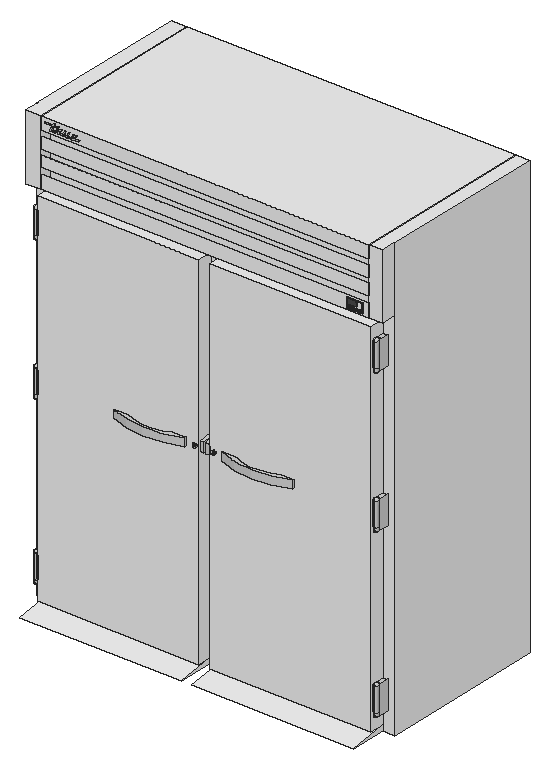
Revit family
Parameters
  Weight in Pounds = 0
  Watts = Volts * FL Amps  # 920 W
  Volts = 115 V
  URL Cutsheet = "www.truemfg.com"
  URL = "www.truemfg.com"
  Type Mark [instance] = ""
  Type Comments = ""
  Status [instance] = ""
  Specification by User [instance] = ""
  Specification by Manufacturer = ""
  Show Logo [instance] = yes
  Show Clearance [instance] = yes
  Serial Number = ""
  Seismic Rating = ""
  SMACNA No = ""
  Revision Code [instance] = ""
  Phase = 1
  Omniclass Number and Title = ""
  Number of Poles [instance] = 1
  NAFEM Spec ID Number = ""
  Model = "STR2RRI-2S"
  Min Ckt Ampacity = 0 A
  Max Overcurrent Protection = 0 A
  Masterspec = ""
  Manufacturer = "TRUE FOOD SERVICE EQUIPMENT, INC."
  Length = 68"
  Item Number [instance] = ""
  Installed By [instance] = ""
  Identify Quantity as Lot [instance] = yes
  Height = 83 3/4"
  HP = "1 1/5"
  Furnished By [instance] = ""
  Foodservice Equipment Identifier [instance] = yes
  FL Amps = 8 A
  Electrical Remarks [instance] = ""
  Electric Connection Type [instance] = ""
  Elec Conn RI Height [instance] = 0"
  Elec Conn Connection Height [instance] = 0"
  Description = "Roll-in Solid Swing Door Freezer"
  Depth = 34 3/4"
  Cycle = 60 Hz
  Conn Plug = "14-20P"
  Conn Conduit = yes
  CSI MasterFormat = ""
  CSI Master Format = ""
  Apparent Power = if(Phase = 3, Volts * FL Amps * 1.73, Volts * FL Amps)  # 920 VA
Reference planes (in)
  plane 1 "BACK": y = 0
  plane 2: z = 0
  plane 3 "LEFT": x = 0
  plane 4 "RIGHT": x = 68
  plane 5 "FRONT": y = -34.75
  plane 6 "TOP": z = 83.75
  plane 7: x = 2.84375
  plane 8: y = -34.7042
  plane 9: x = 34
  plane 10: z = 69.90625
Forms (in)
  Extrusion 1, solid, material "QF_Finishes_Chrome - Satin"
    sketch origin (0.05, 0, 0) x (1, 0, 0) y (0, 1, 0)
      loop
        line (-0.05, 0) -> (-0.05, -32) -> (2.87859, -32) -> (2.87859, 0) -> (-0.05, 0)
    from 0 to 83.75
  Extrusion 2, solid, material "QF_Finishes_Chrome - Satin"
    sketch origin (50.15, 0, 0) x (1, 0, 0) y (0, 1, 0)
      loop
        line (15.15, 0) -> (15.15, -32) -> (17.85, -32) -> (17.85, 0) -> (15.15, 0)
    from 0 to 83.75
  Extrusion 3, solid, material "QF_Finishes_Chrome - Satin"
    sketch origin (0, 0, 0) x (0, 1, 0) y (0, 0, 1)
      loop
        line (-34.7042, 71.28125) -> (-32, 71.28125) -> (-32, 0) -> (0, 0) -> (0, 83.75) -> (-34.7042, 83.75) -> (-34.7042, 81.40578) -> (-32.5, 79.83852) -> (-32.5, 78.71625) -> (-34.7042, 80.28351) -> (-34.7042, 78.1498) -> (-32.5, 76.58254) -> (-32.5, 75.62178) -> (-34.7042, 77.18904) -> (-34.7042, 75.09284) -> (-32.5, 73.52557) -> (-32.5, 72.25) -> (-34.7042, 73.81726) -> (-34.7042, 71.28125)
    from 2.92859 to 65.3
  Extrusion 4, solid, material "QF_Finishes_Chrome - Satin"
    sketch origin (0, 0, 0) x (1, 0, 0) y (0, 1, 0)
      loop
        line (67.84782, -32) -> (65.3, -32) -> (65.3, -34.75) -> (67.84782, -34.75) -> (67.84782, -32)
    from 71.28125 to 83.75
  Extrusion 5, solid, material "QF_Finishes_Chrome - Satin"
    sketch origin (-50.125, 0, 0.25) x (1, 0, 0) y (0, 1, 0)
      loop
        line (53.05359, -32) -> (50.24109, -32) -> (50.24109, -34.75) -> (53.05359, -34.75) -> (53.05359, -32)
    from 71.03125 to 83.5
  Extrusion 6, solid, material "QF_Finishes_Chrome - Satin"
    sketch origin (8.03125, -1, -0.71875) x (1, 0, 0) y (0, 0, 1)
      loop
        line (26.96875, 1.71875) -> (57.65625, 1.71875) -> (57.65625, 70.625) -> (26.96875, 70.625) -> (26.96875, 1.71875)
    from 31 to 33.75
  Extrusion 7, solid, material "QF_Finishes_Handrails and Railings"
    sketch origin (91.34375, -0.25, 26.43519) x (1, 0, 0) y (0, 1, 0)
      loop
        line (-53.875, -34.5) -> (-53.875, -34.7)
        arc (-53.875, -34.7) -> (-47.075, -36.14405) -> (-40.275, -34.7) r 16.7325
        line (-40.275, -34.7) -> (-40.275, -34.5) -> (-42.675, -34.5)
        arc (-42.675, -34.5) -> (-47.075, -35.65816) -> (-51.475, -34.5) r 8.93715
        line (-51.475, -34.5) -> (-53.875, -34.5)
    from 10.87731 to 12.37731
  Extrusion 8, solid, material "QF_Finishes_Handrails and Railings"
    sketch origin (9.34375, -1.08467, -2) x (1, 0, 0) y (0, 0, 1)
      loop
        circle (26.4375, 40.0625) r 0.35
      loop
        line (26.47265, 40.33635) -> (26.41715, 40.33635) -> (26.41715, 39.76895) -> (26.47265, 39.76895) -> (26.47265, 40.33635)
    from 33.5 to 33.83066
  Extrusion 9, solid, material "QF_Finishes_Handrails and Railings", visible <- "Show Logo"
    sketch origin (0.33478, 0.06376, 5.00294) x (1, 0, 0) y (0, 0, 1)
      loop
        line (3.46044, 78.08731) -> (3.35478, 77.86073) -> (4.76027, 77.86073)
        arc (4.76027, 77.86073) -> (4.78879, 77.81028) -> (4.76027, 77.75984) r 0.05887
        line (4.76027, 77.75984) -> (4.39369, 76.97372)
        arc (4.39369, 76.97372) -> (4.39051, 76.90091) -> (4.43975, 76.84717) r 0.09523
        line (4.43975, 76.84717) -> (5.33844, 76.84717)
        arc (5.33844, 76.84717) -> (5.45192, 76.88295) -> (5.52436, 76.97735) r 0.19785
        line (5.52436, 76.97735) -> (5.81285, 77.59601) -> (6.0779, 77.59601)
        arc (6.0779, 77.59601) -> (6.14744, 77.57043) -> (6.13737, 77.49703) r 0.05911
        line (6.13737, 77.49703) -> (5.89598, 76.97937)
        arc (5.89598, 76.97937) -> (5.89974, 76.8934) -> (5.97231, 76.84717) r 0.09318
        line (5.97231, 76.84717) -> (6.76198, 76.84717)
        arc (6.76198, 76.84717) -> (6.82249, 76.86919) -> (6.85468, 76.92495) r 0.09412
        arc (6.85468, 76.92495) -> (6.87746, 76.86995) -> (6.93246, 76.84717) r 0.07778
        line (6.93246, 76.84717) -> (7.43246, 76.84717)
        arc (7.43246, 76.84717) -> (7.49022, 76.86265) -> (7.53251, 76.90493) r 0.11552
        arc (7.53251, 76.90493) -> (7.55275, 76.85606) -> (7.60162, 76.83581) r 0.06912
        line (7.60162, 76.83581) -> (8.31225, 76.83581)
        arc (8.31225, 76.83581) -> (8.37034, 76.85988) -> (8.39441, 76.91797) r 0.08216
        arc (8.39441, 76.91797) -> (8.44767, 76.86472) -> (8.52042, 76.84522) r 0.14551
        line (8.52042, 76.84522) -> (9.85158, 76.84522) -> (9.99946, 77.10134) -> (8.65678, 77.10134)
        arc (8.65678, 77.10134) -> (8.61972, 77.12704) -> (8.61834, 77.17211) r 0.05009
        line (8.61834, 77.17211) -> (8.64157, 77.22192)
        arc (8.64157, 77.22192) -> (8.67723, 77.26864) -> (8.73327, 77.28635) r 0.09747
        line (8.73327, 77.28635) -> (9.16485, 77.28635)
        arc (9.16485, 77.28635) -> (9.258, 77.31131) -> (9.32619, 77.3795) r 0.1863
        line (9.32619, 77.3795) -> (9.45119, 77.59601)
        arc (9.45119, 77.59601) -> (9.45119, 77.71157) -> (9.35111, 77.76934) r 0.11556
        line (9.35111, 77.76934) -> (8.89562, 77.76934)
        arc (8.89562, 77.76934) -> (8.7795, 77.74962) -> (8.69849, 77.66412) r 0.18605
        line (8.69849, 77.66412) -> (8.48204, 77.19993)
        arc (8.48204, 77.19993) -> (8.41815, 77.11667) -> (8.31806, 77.08511) r 0.1745
        line (8.31806, 77.08511) -> (7.84559, 77.08511)
        arc (7.84559, 77.08511) -> (7.78903, 77.14684) -> (7.79268, 77.23048) r 0.10939
        line (7.79268, 77.23048) -> (8.04395, 77.76934) -> (7.88403, 77.76934) -> (7.61781, 77.19844)
        arc (7.61781, 77.19844) -> (7.56609, 77.13103) -> (7.48505, 77.10548) r 0.14128
        line (7.48505, 77.10548) -> (7.15925, 77.10548)
        arc (7.15925, 77.10548) -> (7.10419, 77.17723) -> (7.116, 77.26689) r 0.11816
        line (7.116, 77.26689) -> (7.3503, 77.76934) -> (7.18514, 77.76934) -> (6.91546, 77.191)
        arc (6.91546, 77.191) -> (6.85285, 77.12839) -> (6.76733, 77.10548) r 0.17104
        line (6.76733, 77.10548) -> (6.29555, 77.10548)
        arc (6.29555, 77.10548) -> (6.21082, 77.14499) -> (6.20267, 77.23813) r 0.0935
        line (6.20267, 77.23813) -> (6.35774, 77.57069) -> (6.57695, 77.57069)
        arc (6.57695, 77.57069) -> (6.61395, 77.68217) -> (6.69267, 77.76934) r 0.2857
        line (6.69267, 77.76934) -> (5.83605, 77.76934)
        arc (5.83605, 77.76934) -> (5.74086, 77.74824) -> (5.67498, 77.67635) r 0.16212
        line (5.67498, 77.67635) -> (5.44279, 77.17841)
        arc (5.44279, 77.17841) -> (5.3894, 77.12502) -> (5.31647, 77.10548) r 0.14586
        line (5.31647, 77.10548) -> (4.80506, 77.10548)
        arc (4.80506, 77.10548) -> (4.76514, 77.15942) -> (4.77274, 77.22609) r 0.09155
        line (4.77274, 77.22609) -> (5.11018, 77.86073) -> (5.96155, 77.86073) -> (6.06721, 78.08731) -> (5.21584, 78.08731) -> (5.32149, 78.31388) -> (5.01862, 78.31388) -> (4.91297, 78.08731) -> (3.46044, 78.08731)
      loop
        arc (8.83805, 77.56363) -> (8.80119, 77.55375) -> (8.7742, 77.52676) r 0.07373
        line (8.7742, 77.52676) -> (8.75229, 77.45936)
        arc (8.75229, 77.45936) -> (8.76245, 77.43483) -> (8.78699, 77.42466) r 0.0347
        line (8.78699, 77.42466) -> (9.15948, 77.42466)
        arc (9.15948, 77.42466) -> (9.18632, 77.43061) -> (9.20812, 77.44734) r 0.0635
        line (9.20812, 77.44734) -> (9.22624, 77.53122)
        arc (9.22624, 77.53122) -> (9.22091, 77.55368) -> (9.20009, 77.56363) r 0.02676
        line (9.20009, 77.56363) -> (8.83805, 77.56363)
    from 34.76797 to 34.83173
  Extrusion 10, solid, material "QF_Finishes_White"
    sketch origin (-22.74812, 0.0458, -7.95638) x (1, 0, 0) y (0, 0, 1)
      loop
        line (83.81732, 81.35727) -> (83.81732, 79.60996) -> (86.72357, 79.60996) -> (86.72357, 81.35727) -> (83.81732, 81.35727)
    from 34.75 to 34.76797
  Extrusion 11, solid, material "QF_Finishes_Black"
    sketch origin (-22.74812, 0.0458, -7.95638) x (1, 0, 0) y (0, 0, 1)
      loop
        line (86.78607, 81.41977) -> (83.75482, 81.41977) -> (83.75482, 79.54746) -> (86.78607, 79.54746) -> (86.78607, 81.41977)
      loop
        spline (83.95482, 79.87872) -> (83.96333, 79.86254) -> (83.98831, 79.84747) -> (84.02804, 79.83452) -> (84.07982, 79.82459) -> (84.14011, 79.81835) -> (84.20482, 79.81622) -> (84.26952, 79.81835) -> (84.32982, 79.82459) -> (84.38159, 79.83452) -> (84.42132, 79.84747) -> (84.4463, 79.86254) -> (84.45482, 79.87872)
        spline (84.45482, 79.87872) -> (84.4463, 79.89489) -> (84.42132, 79.90997) -> (84.38159, 79.92291) -> (84.32982, 79.93284) -> (84.26952, 79.93909) -> (84.20482, 79.94122) -> (84.14011, 79.93909) -> (84.07982, 79.93284) -> (84.02804, 79.92291) -> (83.98831, 79.90997) -> (83.96333, 79.89489) -> (83.95482, 79.87872)
      loop
        spline (84.65083, 79.87872) -> (84.65935, 79.86254) -> (84.68432, 79.84747) -> (84.72405, 79.83452) -> (84.77583, 79.82459) -> (84.83612, 79.81835) -> (84.90083, 79.81622) -> (84.96553, 79.81835) -> (85.02583, 79.82459) -> (85.07761, 79.83452) -> (85.11734, 79.84747) -> (85.14231, 79.86254) -> (85.15083, 79.87872)
        spline (85.15083, 79.87872) -> (85.14231, 79.89489) -> (85.11734, 79.90997) -> (85.07761, 79.92291) -> (85.02583, 79.93284) -> (84.96553, 79.93909) -> (84.90083, 79.94122) -> (84.83612, 79.93909) -> (84.77583, 79.93284) -> (84.72405, 79.92291) -> (84.68432, 79.90997) -> (84.65935, 79.89489) -> (84.65083, 79.87872)
      loop
        spline (85.40083, 79.87872) -> (85.40935, 79.86254) -> (85.43432, 79.84747) -> (85.47405, 79.83452) -> (85.52583, 79.82459) -> (85.58612, 79.81835) -> (85.65083, 79.81622) -> (85.71553, 79.81835) -> (85.77583, 79.82459) -> (85.82761, 79.83452) -> (85.86734, 79.84747) -> (85.89231, 79.86254) -> (85.90083, 79.87872)
        spline (85.90083, 79.87872) -> (85.89231, 79.89489) -> (85.86734, 79.90997) -> (85.82761, 79.92291) -> (85.77583, 79.93284) -> (85.71553, 79.93909) -> (85.65083, 79.94122) -> (85.58612, 79.93909) -> (85.52583, 79.93284) -> (85.47405, 79.92291) -> (85.43432, 79.90997) -> (85.40935, 79.89489) -> (85.40083, 79.87872)
      loop
        line (83.95481, 81.21978) -> (83.95481, 80.21978) -> (85.65433, 80.21978) -> (85.65433, 81.21978) -> (83.95481, 81.21978)
      loop
        line (86.72357, 81.35727) -> (83.81732, 81.35727) -> (83.81732, 79.60996) -> (86.72357, 79.60996) -> (86.72357, 81.35727)
      loop
        spline (86.15083, 79.87872) -> (86.15935, 79.86254) -> (86.18432, 79.84747) -> (86.22405, 79.83452) -> (86.27583, 79.82459) -> (86.33612, 79.81835) -> (86.40083, 79.81622) -> (86.46553, 79.81835) -> (86.52583, 79.82459) -> (86.57761, 79.83452) -> (86.61734, 79.84747) -> (86.64231, 79.86254) -> (86.65083, 79.87872)
        spline (86.65083, 79.87872) -> (86.64231, 79.89489) -> (86.61734, 79.90997) -> (86.57761, 79.92291) -> (86.52583, 79.93284) -> (86.46553, 79.93909) -> (86.40083, 79.94122) -> (86.33612, 79.93909) -> (86.27583, 79.93284) -> (86.22405, 79.92291) -> (86.18432, 79.90997) -> (86.15935, 79.89489) -> (86.15083, 79.87872)
    from 34.76797 to 34.80335
  Extrusion 12, solid
    sketch origin (-25.125, 0, 0) x (1, 0, 0) y (0, 0, 1)
      loop
        circle (89.875, 81.625) r 0.25
    from 0 to 0.0625
  Blend 13, solid, material "QF_Finishes_Handrails and Railings"
    base sketch origin (60.25, -1, 0) x (-1, 0, 0) y (0, 0, -1)
      loop
        line (25.25, -38.99169) -> (26, -38.99169) -> (26, -37.24169) -> (25.25, -37.24169) -> (25.25, -38.99169)
    top sketch origin (60.25, 0, 0) x (-1, 0, 0) y (0, 0, -1)
      loop
        line (26.18223, -36.6441) -> (25.25, -36.6441) -> (25.25, -39.42643) -> (26.18223, -39.42643) -> (26.18223, -36.6441)
    from 33.57883 to 32
  Extrusion 14, solid, material "QF_Finishes_Handrails and Railings"
    sketch origin (66.78125, 0, 3.5) x (0, 1, 0) y (0, 0, -1)
      loop
        line (-32, -64.17729) -> (-32, -58.86127) -> (-34.25, -58.86127) -> (-34.25, -59.57348) -> (-33.81497, -59.57348) -> (-33.81497, -63.97276)
        arc (-33.81497, -63.97276) -> (-33.75506, -64.11738) -> (-33.61044, -64.17729) r 0.20453
        line (-33.61044, -64.17729) -> (-32, -64.17729)
    from 0.17506 to 1
  Revolve 15, solid, material "QF_Finishes_Handrails and Railings"
    sketch origin (66.28125, 0, 3.5) x (0, 1, 0) y (0, 0, -1)
      loop
        line (-34.26563, -59.62689) -> (-34.67229, -59.62689) -> (-34.67229, -64.0986)
        arc (-34.67229, -64.0986) -> (-34.53722, -64.35057) -> (-34.26563, -64.43983) r 0.3848
        line (-34.26563, -64.43983) -> (-34.26563, -59.62689)
      loop
        line (-34.26563, -59.57348) -> (-34.26563, -58.67281)
        arc (-34.26563, -58.67281) -> (-34.53264, -58.75883) -> (-34.67229, -59.00212) r 0.38884
        line (-34.67229, -59.00212) -> (-34.67229, -59.57348) -> (-34.26563, -59.57348)
      axis (-34.26563, -58.67281) -> (-34.26563, -64.43983)
    angle from 0 to 360
  Extrusion 16, solid, material "QF_Finishes_Handrails and Railings"
    sketch origin (27.5, -1.07734, 3.5011) x (-1, 0, 0) y (0, 0, -1)
      loop
        line (-38.58509, -64.0986) -> (-38.1875, -64.0986) -> (-38.1875, -59.62579) -> (-38.58509, -59.62579) -> (-38.58509, -64.0986)
    from 32.81497 to 33.59495
  Extrusion 17, solid, material "QF_Finishes_Handrails and Railings"
    sketch origin (66.78125, 0, -24) x (0, 1, 0) y (0, 0, -1)
      loop
        line (-32, -64.55229) -> (-32, -59.23627) -> (-34.25, -59.23627) -> (-34.25, -59.94848) -> (-33.81497, -59.94848) -> (-33.81497, -64.34776)
        arc (-33.81497, -64.34776) -> (-33.75506, -64.49238) -> (-33.61044, -64.55229) r 0.20453
        line (-33.61044, -64.55229) -> (-32, -64.55229)
    from 0.17506 to 1
  Revolve 18, solid, material "QF_Finishes_Handrails and Railings"
    sketch origin (66.28125, 0, -24) x (0, 1, 0) y (0, 0, -1)
      loop
        line (-34.26563, -60.00189) -> (-34.67229, -60.00189) -> (-34.67229, -64.4736)
        arc (-34.67229, -64.4736) -> (-34.53722, -64.72557) -> (-34.26563, -64.81483) r 0.3848
        line (-34.26563, -64.81483) -> (-34.26563, -60.00189)
      loop
        line (-34.26563, -59.94848) -> (-34.26563, -59.04781)
        arc (-34.26563, -59.04781) -> (-34.53264, -59.13383) -> (-34.67229, -59.37712) r 0.38884
        line (-34.67229, -59.37712) -> (-34.67229, -59.94848) -> (-34.26563, -59.94848)
      axis (-34.26563, -59.04781) -> (-34.26563, -64.81483)
    angle from 0 to 360
  Extrusion 19, solid, material "QF_Finishes_Handrails and Railings"
    sketch origin (27.5, -1.07734, -23.9989) x (-1, 0, 0) y (0, 0, -1)
      loop
        line (-38.58509, -64.4736) -> (-38.1875, -64.4736) -> (-38.1875, -60.00079) -> (-38.58509, -60.00079) -> (-38.58509, -64.4736)
    from 32.81497 to 33.59495
  Extrusion 20, solid, material "QF_Finishes_Handrails and Railings"
    sketch origin (66.78125, 0, -55.5) x (0, 1, 0) y (0, 0, -1)
      loop
        line (-32, -64.55229) -> (-32, -59.23627) -> (-34.25, -59.23627) -> (-34.25, -59.94848) -> (-33.81497, -59.94848) -> (-33.81497, -64.34776)
        arc (-33.81497, -64.34776) -> (-33.75506, -64.49238) -> (-33.61044, -64.55229) r 0.20453
        line (-33.61044, -64.55229) -> (-32, -64.55229)
    from 0.17506 to 1
  Revolve 21, solid, material "QF_Finishes_Handrails and Railings"
    sketch origin (66.28125, 0, -55.5) x (0, 1, 0) y (0, 0, -1)
      loop
        line (-34.26563, -60.00189) -> (-34.67229, -60.00189) -> (-34.67229, -64.4736)
        arc (-34.67229, -64.4736) -> (-34.53722, -64.72557) -> (-34.26563, -64.81483) r 0.3848
        line (-34.26563, -64.81483) -> (-34.26563, -60.00189)
      loop
        line (-34.26563, -59.94848) -> (-34.26563, -59.04781)
        arc (-34.26563, -59.04781) -> (-34.53264, -59.13383) -> (-34.67229, -59.37712) r 0.38884
        line (-34.67229, -59.37712) -> (-34.67229, -59.94848) -> (-34.26563, -59.94848)
      axis (-34.26563, -59.04781) -> (-34.26563, -64.81483)
    angle from 0 to 360
  Extrusion 22, solid, material "QF_Finishes_Handrails and Railings"
    sketch origin (27.5, -1.07734, -55.4989) x (-1, 0, 0) y (0, 0, -1)
      loop
        line (-38.58509, -64.4736) -> (-38.1875, -64.4736) -> (-38.1875, -60.00079) -> (-38.58509, -60.00079) -> (-38.58509, -64.4736)
    from 32.81497 to 33.59495
  Extrusion 23, solid, material "QF_Finishes_Chrome - Satin"
    sketch origin (65.6875, -1, 8.03125) x (0, 0, 1) y (0, -1, 0)
      loop
        line (-8.03125, 37.875) -> (-8.03125, 31) -> (-7.03125, 31) -> (-8.03125, 37.875)
    from 0 to -30.6875
  Extrusion 24, solid, material "QF_Finishes_Chrome - Satin"
    sketch origin (59.96875, -1, -0.71875) x (-1, 0, 0) y (0, 0, -1)
      loop
        line (26.96875, -1.71875) -> (26.96875, -70.625) -> (57.65625, -70.625) -> (57.65625, -1.71875) -> (26.96875, -1.71875)
    from 31 to 33.75
  Extrusion 25, solid, material "QF_Finishes_Handrails and Railings"
    sketch origin (-23.34375, -0.25, 26.43519) x (1, 0, 0) y (0, 1, 0)
      loop
        line (53.875, -34.5) -> (51.475, -34.5)
        arc (51.475, -34.5) -> (47.075, -35.65816) -> (42.675, -34.5) r 8.93715
        line (42.675, -34.5) -> (40.275, -34.5) -> (40.275, -34.7)
        arc (40.275, -34.7) -> (47.075, -36.14405) -> (53.875, -34.7) r 16.7325
        line (53.875, -34.7) -> (53.875, -34.5)
    from 10.87731 to 12.37731
  Extrusion 26, solid, material "QF_Finishes_Handrails and Railings"
    sketch origin (58.65625, -1.08467, -2) x (-1, 0, 0) y (0, 0, -1)
      loop
        circle (26.4375, -40.0625) r 0.35
      loop
        line (26.47265, -40.33635) -> (26.47265, -39.76895) -> (26.41715, -39.76895) -> (26.41715, -40.33635) -> (26.47265, -40.33635)
    from 33.5 to 33.83066
  Blend 27, solid, material "QF_Finishes_Handrails and Railings"
    base sketch origin (7.75, -1, 0) x (1, 0, 0) y (0, 0, 1)
      loop
        line (25.25, 38.99169) -> (25.25, 37.24169) -> (26, 37.24169) -> (26, 38.99169) -> (25.25, 38.99169)
    top sketch origin (7.75, 0, 0) x (1, 0, 0) y (0, 0, 1)
      loop
        line (26.18223, 36.6441) -> (26.18223, 39.42643) -> (25.25, 39.42643) -> (25.25, 36.6441) -> (26.18223, 36.6441)
    from 33.57883 to 32
  Extrusion 28, solid, material "QF_Finishes_Handrails and Railings"
    sketch origin (1.21875, 0, 3.5) x (0, 1, 0) y (0, 0, 1)
      loop
        line (-32, 64.17729) -> (-33.61044, 64.17729)
        arc (-33.61044, 64.17729) -> (-33.75506, 64.11738) -> (-33.81497, 63.97276) r 0.20453
        line (-33.81497, 63.97276) -> (-33.81497, 59.57348) -> (-34.25, 59.57348) -> (-34.25, 58.86127) -> (-32, 58.86127) -> (-32, 64.17729)
    from 0.17506 to 1
  Revolve 29, solid, material "QF_Finishes_Handrails and Railings"
    sketch origin (1.71875, 0, 3.5) x (0, 1, 0) y (0, 0, 1)
      loop
        line (-34.26563, 59.62689) -> (-34.26563, 64.43983)
        arc (-34.26563, 64.43983) -> (-34.53722, 64.35057) -> (-34.67229, 64.0986) r 0.3848
        line (-34.67229, 64.0986) -> (-34.67229, 59.62689) -> (-34.26563, 59.62689)
      loop
        line (-34.26563, 59.57348) -> (-34.67229, 59.57348) -> (-34.67229, 59.00212)
        arc (-34.67229, 59.00212) -> (-34.53264, 58.75883) -> (-34.26563, 58.67281) r 0.38884
        line (-34.26563, 58.67281) -> (-34.26563, 59.57348)
      axis (-34.26563, 58.67281) -> (-34.26563, 64.43983)
    angle from 0 to 360
  Extrusion 30, solid, material "QF_Finishes_Handrails and Railings"
    sketch origin (40.5, -1.07734, 3.5011) x (1, 0, 0) y (0, 0, 1)
      loop
        line (-38.58509, 64.0986) -> (-38.58509, 59.62579) -> (-38.1875, 59.62579) -> (-38.1875, 64.0986) -> (-38.58509, 64.0986)
    from 32.81497 to 33.59495
  Extrusion 31, solid, material "QF_Finishes_Handrails and Railings"
    sketch origin (1.21875, 0, -24) x (0, 1, 0) y (0, 0, 1)
      loop
        line (-32, 64.55229) -> (-33.61044, 64.55229)
        arc (-33.61044, 64.55229) -> (-33.75506, 64.49238) -> (-33.81497, 64.34776) r 0.20453
        line (-33.81497, 64.34776) -> (-33.81497, 59.94848) -> (-34.25, 59.94848) -> (-34.25, 59.23627) -> (-32, 59.23627) -> (-32, 64.55229)
    from 0.17506 to 1
  Revolve 32, solid, material "QF_Finishes_Handrails and Railings"
    sketch origin (1.71875, 0, -24) x (0, 1, 0) y (0, 0, 1)
      loop
        line (-34.26563, 60.00189) -> (-34.26563, 64.81483)
        arc (-34.26563, 64.81483) -> (-34.53722, 64.72557) -> (-34.67229, 64.4736) r 0.3848
        line (-34.67229, 64.4736) -> (-34.67229, 60.00189) -> (-34.26563, 60.00189)
      loop
        line (-34.26563, 59.94848) -> (-34.67229, 59.94848) -> (-34.67229, 59.37712)
        arc (-34.67229, 59.37712) -> (-34.53264, 59.13383) -> (-34.26563, 59.04781) r 0.38884
        line (-34.26563, 59.04781) -> (-34.26563, 59.94848)
      axis (-34.26563, 59.04781) -> (-34.26563, 64.81483)
    angle from 0 to 360
  Extrusion 33, solid, material "QF_Finishes_Handrails and Railings"
    sketch origin (40.5, -1.07734, -23.9989) x (1, 0, 0) y (0, 0, 1)
      loop
        line (-38.58509, 64.4736) -> (-38.58509, 60.00079) -> (-38.1875, 60.00079) -> (-38.1875, 64.4736) -> (-38.58509, 64.4736)
    from 32.81497 to 33.59495
  Extrusion 34, solid, material "QF_Finishes_Handrails and Railings"
    sketch origin (1.21875, 0, -55.5) x (0, 1, 0) y (0, 0, 1)
      loop
        line (-32, 64.55229) -> (-33.61044, 64.55229)
        arc (-33.61044, 64.55229) -> (-33.75506, 64.49238) -> (-33.81497, 64.34776) r 0.20453
        line (-33.81497, 64.34776) -> (-33.81497, 59.94848) -> (-34.25, 59.94848) -> (-34.25, 59.23627) -> (-32, 59.23627) -> (-32, 64.55229)
    from 0.17506 to 1
  Revolve 35, solid, material "QF_Finishes_Handrails and Railings"
    sketch origin (1.71875, 0, -55.5) x (0, 1, 0) y (0, 0, 1)
      loop
        line (-34.26563, 60.00189) -> (-34.26563, 64.81483)
        arc (-34.26563, 64.81483) -> (-34.53722, 64.72557) -> (-34.67229, 64.4736) r 0.3848
        line (-34.67229, 64.4736) -> (-34.67229, 60.00189) -> (-34.26563, 60.00189)
      loop
        line (-34.26563, 59.94848) -> (-34.67229, 59.94848) -> (-34.67229, 59.37712)
        arc (-34.67229, 59.37712) -> (-34.53264, 59.13383) -> (-34.26563, 59.04781) r 0.38884
        line (-34.26563, 59.04781) -> (-34.26563, 59.94848)
      axis (-34.26563, 59.04781) -> (-34.26563, 64.81483)
    angle from 0 to 360
  Extrusion 36, solid, material "QF_Finishes_Handrails and Railings"
    sketch origin (40.5, -1.07734, -55.4989) x (1, 0, 0) y (0, 0, 1)
      loop
        line (-38.58509, 64.4736) -> (-38.58509, 60.00079) -> (-38.1875, 60.00079) -> (-38.1875, 64.4736) -> (-38.58509, 64.4736)
    from 32.81497 to 33.59495
  Extrusion 37, solid, material "QF_Finishes_Chrome - Satin"
    sketch origin (2.3125, -1, 8.03125) x (0, 0, 1) y (0, 1, 0)
      loop
        line (-8.03125, -37.875) -> (-7.03125, -31) -> (-8.03125, -31) -> (-8.03125, -37.875)
    from 0 to -30.6875
  Extrusion 38, solid, material "QF_Finishes_Door Clearance", visible <- "Show Clearance", detail levels coarse
    sketch origin (32.71875, -1, 1) x (0, 1, 0) y (1, 0, 0)
      loop
        line (-33.75, -30.40625) -> (-33.75, 0.28125)
        arc (-33.75, 0.28125) -> (-55.44934, -8.70691) -> (-64.4375, -30.40625) r 30.6875
        line (-64.4375, -30.40625) -> (-33.75, -30.40625)
      loop
        line (-33.75, 32.96875) -> (-64.4375, 32.96875)
        arc (-64.4375, 32.96875) -> (-55.44934, 11.26941) -> (-33.75, 2.28125) r 30.6875
        line (-33.75, 2.28125) -> (-33.75, 32.96875)
    from 0 to -68.90625
Cuts and joins
  joined: Extrusion 1, Extrusion 2, Extrusion 4, Extrusion 5
Lines and regions (in)
  symbolic lines
    curve 1: line (0, 0, 0) -> (68, 0, 0)
    curve 2: line (0, -34.75, 0) -> (0, 0, 0)
    curve 3: line (68, -34.75, 0) -> (0, -34.75, 0)
    curve 4: line (68, 0, 0) -> (68, -34.75, 0)
    curve 5: line (68, -32.5, 0) -> (0, -32.5, 0)
    curve 6: arc (28.13125, -34.75, 0) -> (23.73125, -35.90816, 0) -> (19.33125, -34.75, 0) r 8.93715
    curve 7: arc (16.93125, -34.95, 0) -> (23.73125, -36.39405, 0) -> (30.53125, -34.95, 0) r 16.7325
    curve 8: line (16.93125, -34.75, 0) -> (16.93125, -34.95, 0)
    curve 9: line (30.53125, -34.95, 0) -> (30.53125, -34.75, 0)
    curve 10: arc (48.66875, -34.75, 0) -> (44.26875, -35.90816, 0) -> (39.86875, -34.75, 0) r 8.93715
    curve 11: arc (37.46875, -34.95, 0) -> (44.26875, -36.39405, 0) -> (51.06875, -34.95, 0) r 16.7325
    curve 12: line (37.46875, -34.75, 0) -> (37.46875, -34.95, 0)
    curve 13: line (51.06875, -34.95, 0) -> (51.06875, -34.75, 0)
  symbolic lines, style "QF_Door Swings", visible <- "Show Clearance", detail levels coarse
    curve 14: line (2.3125, -34.75, 0) -> (2.3125, -65.4375, 0)
    curve 15: arc (33, -34.75, 0) -> (24.01184, -56.44934, 0) -> (2.3125, -65.4375, 0) r 30.6875
    curve 16: arc (65.6875, -65.4375, 0) -> (43.98816, -56.44934, 0) -> (35, -34.75, 0) r 30.6875
    curve 17: line (65.6875, -65.4375, 0) -> (65.6875, -34.75, 0)
Dimensions and locks (in)
  "Depth": plane 5 "FRONT" to plane 1 "BACK"
  plane 6 "TOP" to level = 83 3/4"  (x2)
  Extrusion 6 sketch curve to Extrusion 6 sketch curve = 30 11/16"
  Extrusion 6 to plane 1 "BACK" = 34 3/4"
  "Length": plane 3 "LEFT" to plane 4 "RIGHT"
  plane 4 "RIGHT" to plane 3 "LEFT" = 68"
  equal spacing: plane 3 "LEFT", plane 9, plane 4 "RIGHT"
  Extrusion 24 sketch curve to Extrusion 24 sketch curve = 30 11/16"
  plane 10 to level = 69 29/32"
  aligned and locked: level to plane 2
Automatic sketch dimensions
  plane 1 "BACK" to curve 1 = 0"
  curve 1 to plane 3 "LEFT" = 0"
  plane 5 "FRONT" to curve 8 = 0"
  curve 4 to plane 4 "RIGHT" = 0"
  plane 5 "FRONT" to curve 7 = 0.2"
  plane 7 to curve 7 = 14.0875"
  curve 8 to curve 6 = 2.4"
  curve 6 to curve 6 = 4.4"
  curve 7 to curve 6 = 0"
  plane 5 "FRONT" to curve 9 = 0.2"
  plane 5 "FRONT" to curve 12 = 0.2"
  curve 12 to plane 9 = 3 15/32"
  curve 12 to curve 10 = 2.4"
  curve 10 to curve 10 = 4.4"
  curve 11 to curve 10 = 0"
  plane 5 "FRONT" to curve 11 = 0.2"
  curve 5 to plane 5 "FRONT" = 2 1/4"
  curve 10 to plane 5 "FRONT" = 7.77899"
  curve 6 to plane 5 "FRONT" = 7.77899"
  curve 10 to curve 11 = 7.30945"
  curve 6 to curve 7 = 7.30945"
  Extrusion 1 sketch curve to plane 3 "LEFT" = 0"
  plane 1 "BACK" to Extrusion 1 sketch curve = 0"
  plane 7 to Extrusion 1 sketch curve = 0.08484"
  Extrusion 1 sketch curve to plane 5 "FRONT" = 2 3/4"
  plane 1 "BACK" to Extrusion 2 sketch curve = 0"
  Extrusion 2 sketch curve to plane 4 "RIGHT" = 0"
  Extrusion 2 sketch curve to plane 4 "RIGHT" = 2.7"
  Extrusion 2 sketch curve to plane 5 "FRONT" = 2 3/4"
  Extrusion 3 sketch curve to plane 8 = 0"  (x4)
  Extrusion 3 sketch curve to level = 0"
  Extrusion 3 sketch curve to plane 6 "TOP" = 0"
  plane 8 to Extrusion 3 sketch curve = 2.2042"  (x2)
  Extrusion 3 sketch curve to Extrusion 3 sketch curve = 0"
  Extrusion 3 sketch curve to Extrusion 3 sketch curve = 1/2"
  plane 1 "BACK" to Extrusion 3 sketch curve = 0"
  Extrusion 3 sketch curve to plane 6 "TOP" = 12 15/32"
  Extrusion 3 sketch curve to Extrusion 3 sketch curve = 31/32"
  Extrusion 3 sketch curve to Extrusion 3 sketch curve = 1.27557"  (x2)
  Extrusion 3 sketch curve to Extrusion 3 sketch curve = 0.29169"
  Extrusion 3 sketch curve to Extrusion 3 sketch curve = 2.0962"  (x2)
  Extrusion 3 sketch curve to Extrusion 3 sketch curve = 0.96076"  (x2)
  Extrusion 3 sketch curve to Extrusion 3 sketch curve = 2.13371"  (x2)
  Extrusion 3 sketch curve to Extrusion 3 sketch curve = 1.12227"  (x2)
  plane 5 "FRONT" to Extrusion 4 sketch curve = 0"
  Extrusion 4 sketch curve to plane 4 "RIGHT" = 2.7"
  Extrusion 4 sketch curve to plane 4 "RIGHT" = 0.15218"
  Extrusion 4 sketch curve to plane 5 "FRONT" = 2 3/4"
  plane 5 "FRONT" to Extrusion 5 sketch curve = 0"
  plane 3 "LEFT" to Extrusion 5 sketch curve = 0.11609"
  plane 7 to Extrusion 5 sketch curve = 0.08484"
  Extrusion 5 sketch curve to plane 5 "FRONT" = 2 3/4"
  Extrusion 6 sketch curve to plane 9 = 1"
  level to Extrusion 6 sketch curve = 1"
  Extrusion 6 sketch curve to plane 6 "TOP" = 13 27/32"
  plane 5 "FRONT" to Extrusion 7 sketch curve = 0"  (x2)
  Extrusion 7 sketch curve to plane 9 = 3 15/32"
  Extrusion 7 sketch curve to Extrusion 7 sketch curve = 2.4"  (x2)
  Extrusion 7 sketch curve to Extrusion 7 sketch curve = 4.4"
  Extrusion 7 sketch curve to Extrusion 7 sketch curve = 0"
  Extrusion 7 sketch curve to Extrusion 7 sketch curve = 0.2"
  Extrusion 7 sketch curve to plane 5 "FRONT" = 7.77899"
  Extrusion 7 sketch curve to Extrusion 7 sketch curve = 7.30945"
  Extrusion 8 sketch curve to plane 9 = 1.7609"
  Extrusion 8 sketch curve to Extrusion 8 sketch curve = 0.02035"
  Extrusion 8 sketch curve to Extrusion 8 sketch curve = 0.0555"
  level to Extrusion 8 sketch curve = 37.76895"
  Extrusion 8 sketch curve to Extrusion 8 sketch curve = 0.29355"
  Extrusion 8 sketch curve to Extrusion 8 sketch curve = 0.27385"
  plane 7 to Extrusion 9 sketch curve = 0.84582"
  Extrusion 9 sketch curve to Extrusion 9 sketch curve = 0.10565"  (x5)
  Extrusion 9 sketch curve to Extrusion 9 sketch curve = 1.03891"
  Extrusion 9 sketch curve to Extrusion 9 sketch curve = 0.04606"
  Extrusion 9 sketch curve to Extrusion 9 sketch curve = 0.08631"
  Extrusion 9 sketch curve to Extrusion 9 sketch curve = 0.33624"
  Extrusion 9 sketch curve to Extrusion 9 sketch curve = 0.03034"  (x2)
  Extrusion 9 sketch curve to Extrusion 9 sketch curve = 0.29274"
  Extrusion 9 sketch curve to Extrusion 9 sketch curve = 0.03232"
  Extrusion 9 sketch curve to Extrusion 9 sketch curve = 0.04851"
  Extrusion 9 sketch curve to plane 6 "TOP" = 0.65975"
  Extrusion 9 sketch curve to Extrusion 9 sketch curve = 0.1527"
  Extrusion 9 sketch curve to plane 6 "TOP" = 0.43317"
  Extrusion 9 sketch curve to Extrusion 9 sketch curve = 0.19721"
  Extrusion 9 sketch curve to Extrusion 9 sketch curve = 0.4629"
  Extrusion 9 sketch curve to Extrusion 9 sketch curve = 0.02197"
  Extrusion 9 sketch curve to Extrusion 9 sketch curve = 0.12632"
  Extrusion 9 sketch curve to Extrusion 9 sketch curve = 0.18591"
  Extrusion 9 sketch curve to plane 6 "TOP" = 1.0707"
  Extrusion 9 sketch curve to Extrusion 9 sketch curve = 0.2322"
  Extrusion 9 sketch curve to Extrusion 9 sketch curve = 0.13786"
  Extrusion 9 sketch curve to Extrusion 9 sketch curve = 0.00907"
  Extrusion 9 sketch curve to Extrusion 9 sketch curve = 0.01413"
  Extrusion 9 sketch curve to Extrusion 9 sketch curve = 0.37162"
  Extrusion 9 sketch curve to plane 6 "TOP" = 0.88633"
  Extrusion 9 sketch curve to Extrusion 9 sketch curve = 0.12551"
  Extrusion 9 sketch curve to Extrusion 9 sketch curve = 0.07633"
  Extrusion 9 sketch curve to Extrusion 9 sketch curve = 0.08445"
  Extrusion 9 sketch curve to Extrusion 9 sketch curve = 0.25598"
  Extrusion 9 sketch curve to Extrusion 9 sketch curve = 0.01887"
  Extrusion 9 sketch curve to Extrusion 9 sketch curve = 0.04061"
  Extrusion 9 sketch curve to plane 6 "TOP" = 1.50892"
  Extrusion 9 sketch curve to Extrusion 9 sketch curve = 0.0653"
  Extrusion 9 sketch curve to Extrusion 9 sketch curve = 0.08474"
  Extrusion 9 sketch curve to Extrusion 9 sketch curve = 0.00815"
  Extrusion 9 sketch curve to Extrusion 9 sketch curve = 0.22037"
  Extrusion 9 sketch curve to Extrusion 9 sketch curve = 0.21921"
  Extrusion 9 sketch curve to Extrusion 9 sketch curve = 0.11572"
  Extrusion 9 sketch curve to Extrusion 9 sketch curve = 0.46643"
  Extrusion 9 sketch curve to Extrusion 9 sketch curve = 0.00535"
  Extrusion 9 sketch curve to Extrusion 9 sketch curve = 0.09269"
  Extrusion 9 sketch curve to Extrusion 9 sketch curve = 0.09348"
  Extrusion 9 sketch curve to Extrusion 9 sketch curve = 0.14812"
  Extrusion 9 sketch curve to Extrusion 9 sketch curve = 0.07778"
  Extrusion 9 sketch curve to Extrusion 9 sketch curve = 0.20054"
  Extrusion 9 sketch curve to Extrusion 9 sketch curve = 0.04325"
  Extrusion 9 sketch curve to plane 6 "TOP" = 0.97771"  (x2)
  Extrusion 9 sketch curve to Extrusion 9 sketch curve = 0.32433"
  Extrusion 9 sketch curve to Extrusion 9 sketch curve = 0.10233"  (x2)
  Extrusion 9 sketch curve to Extrusion 9 sketch curve = 0.16515"
  Extrusion 9 sketch curve to Extrusion 9 sketch curve = 0.27321"
  Extrusion 9 sketch curve to Extrusion 9 sketch curve = 0.0526"
  Extrusion 9 sketch curve to Extrusion 9 sketch curve = 0.10005"
  Extrusion 9 sketch curve to Extrusion 9 sketch curve = 0.06912"
  Extrusion 9 sketch curve to Extrusion 9 sketch curve = 0.13276"
  Extrusion 9 sketch curve to plane 6 "TOP" = 1.51658"
  Extrusion 9 sketch curve to Extrusion 9 sketch curve = 0.17486"
  Extrusion 9 sketch curve to Extrusion 9 sketch curve = 0.05291"
  Extrusion 9 sketch curve to Extrusion 9 sketch curve = 0.53374"
  Extrusion 9 sketch curve to Extrusion 9 sketch curve = 0.09914"
  Extrusion 9 sketch curve to Extrusion 9 sketch curve = 0.15992"
  Extrusion 9 sketch curve to Extrusion 9 sketch curve = 0.46666"
  Extrusion 9 sketch curve to Extrusion 9 sketch curve = 0.00582"
  Extrusion 9 sketch curve to Extrusion 9 sketch curve = 0.08216"
  Extrusion 9 sketch curve to Extrusion 9 sketch curve = 0.16397"
  Extrusion 9 sketch curve to Extrusion 9 sketch curve = 0.12601"
  Extrusion 9 sketch curve to plane 6 "TOP" = 1.57494"
  Extrusion 9 sketch curve to Extrusion 9 sketch curve = 0.1363"
  Extrusion 9 sketch curve to plane 6 "TOP" = 1.52514"
  Extrusion 9 sketch curve to Extrusion 9 sketch curve = 0.02323"
  Extrusion 9 sketch curve to Extrusion 9 sketch curve = 0.03844"
  Extrusion 9 sketch curve to Extrusion 9 sketch curve = 0.0454"
  Extrusion 9 sketch curve to Extrusion 9 sketch curve = 0.05693"
  Extrusion 9 sketch curve to Extrusion 9 sketch curve = 0.0917"
  Extrusion 9 sketch curve to Extrusion 9 sketch curve = 0.01902"
  Extrusion 9 sketch curve to Extrusion 9 sketch curve = 0.02191"
  Extrusion 9 sketch curve to Extrusion 9 sketch curve = 0.0347"
  Extrusion 9 sketch curve to Extrusion 9 sketch curve = 0.06385"
  Extrusion 9 sketch curve to Extrusion 9 sketch curve = 0.02906"
  Extrusion 9 sketch curve to Extrusion 9 sketch curve = 0.02851"
  Extrusion 9 sketch curve to Extrusion 9 sketch curve = 0.29237"
  Extrusion 9 sketch curve to Extrusion 9 sketch curve = 0.00537"
  Extrusion 9 sketch curve to Extrusion 9 sketch curve = 0.0406"
  Extrusion 9 sketch curve to plane 6 "TOP" = 1.29971"
  Extrusion 9 sketch curve to Extrusion 9 sketch curve = 0.04327"
  Extrusion 9 sketch curve to Extrusion 9 sketch curve = 0.02615"
  Extrusion 9 sketch curve to plane 6 "TOP" = 1.36755"
  Extrusion 9 sketch curve to Extrusion 9 sketch curve = 0.11806"
  Extrusion 9 sketch curve to Extrusion 9 sketch curve = 0.15103"
  Extrusion 9 sketch curve to Extrusion 9 sketch curve = 0.10007"
  Extrusion 9 sketch curve to Extrusion 9 sketch curve = 0.5254"
  Extrusion 9 sketch curve to plane 6 "TOP" = 1.64572"
  Extrusion 9 sketch curve to Extrusion 9 sketch curve = 0.14787"
  Extrusion 9 sketch curve to Extrusion 9 sketch curve = 0.14537"
  Extrusion 9 sketch curve to Extrusion 9 sketch curve = 0.63134"
  Extrusion 9 sketch curve to Extrusion 9 sketch curve = 0.11061"
  Extrusion 9 sketch curve to Extrusion 9 sketch curve = 0.25876"
  Extrusion 9 sketch curve to Extrusion 9 sketch curve = 0.06767"
  Extrusion 9 sketch curve to Extrusion 9 sketch curve = 0.12655"
  Extrusion 9 sketch curve to Extrusion 9 sketch curve = 0.12242"
  Extrusion 9 sketch curve to Extrusion 9 sketch curve = 0.29684"
  Extrusion 9 sketch curve to Extrusion 9 sketch curve = 0.03938"
  Extrusion 9 sketch curve to Extrusion 9 sketch curve = 0.06046"
  Extrusion 9 sketch curve to Extrusion 9 sketch curve = 0.13266"
  Extrusion 9 sketch curve to Extrusion 9 sketch curve = 0.14279"
  Extrusion 9 sketch curve to Extrusion 9 sketch curve = 0.07293"
  Extrusion 9 sketch curve to Extrusion 9 sketch curve = 0.07764"
  Extrusion 9 sketch curve to Extrusion 9 sketch curve = 0.03794"
  Extrusion 9 sketch curve to Extrusion 9 sketch curve = 0.08552"
  Extrusion 9 sketch curve to Extrusion 9 sketch curve = 0.09296"
  Extrusion 9 sketch curve to Extrusion 9 sketch curve = 0.02781"
  Extrusion 9 sketch curve to Extrusion 9 sketch curve = 0.04799"
  Extrusion 9 sketch curve to Extrusion 9 sketch curve = 0.03054"
  Extrusion 9 sketch curve to Extrusion 9 sketch curve = 0.2589"
  Extrusion 9 sketch curve to Extrusion 9 sketch curve = 0.0674"
  Extrusion 9 sketch curve to Extrusion 9 sketch curve = 0.0324"
  Extrusion 9 sketch curve to Extrusion 9 sketch curve = 0.26185"
  Extrusion 9 sketch curve to Extrusion 9 sketch curve = 11/256"
  Extrusion 9 sketch curve to Extrusion 9 sketch curve = 0.07366"
  Extrusion 9 sketch curve to Extrusion 9 sketch curve = 0.02187"
  Extrusion 9 sketch curve to Extrusion 9 sketch curve = 0.06479"
  Extrusion 9 sketch curve to Extrusion 9 sketch curve = 0.05778"
  Extrusion 9 sketch curve to Extrusion 9 sketch curve = 0.32747"
  Extrusion 9 sketch curve to Extrusion 9 sketch curve = 0.05045"
  Extrusion 9 sketch curve to Extrusion 9 sketch curve = 29/128"
  Extrusion 10 sketch curve to plane 4 "RIGHT" = 6.9308"
  Extrusion 10 sketch curve to Extrusion 10 sketch curve = 2 29/32"
  Extrusion 10 sketch curve to plane 6 "TOP" = 12.09642"
  Extrusion 10 sketch curve to Extrusion 10 sketch curve = 1.74732"
  Extrusion 11 sketch curve to plane 4 "RIGHT" = 6.9933"
  Extrusion 11 sketch curve to Extrusion 11 sketch curve = 1/16"  (x4)
  Extrusion 11 sketch curve to Extrusion 11 sketch curve = 0.1375"  (x3)
  Extrusion 11 sketch curve to Extrusion 11 sketch curve = 1/4"  (x4)
  Extrusion 11 sketch curve to Extrusion 11 sketch curve = 0.44601"
  Extrusion 11 sketch curve to Extrusion 11 sketch curve = 1/2"  (x2)
  Extrusion 11 sketch curve to Extrusion 11 sketch curve = 0.0035"
  Extrusion 11 sketch curve to Extrusion 11 sketch curve = 1.06923"
  Extrusion 11 sketch curve to plane 6 "TOP" = 12.15892"
  Extrusion 11 sketch curve to Extrusion 11 sketch curve = 0.26876"  (x2)
  Extrusion 11 sketch curve to Extrusion 11 sketch curve = 0"  (x2)
  Extrusion 11 sketch curve to Extrusion 11 sketch curve = 0.34106"
  Extrusion 11 sketch curve to Extrusion 11 sketch curve = 1"
  Extrusion 12 sketch curve to plane 4 "RIGHT" = 3 1/4"
  Extrusion 12 sketch curve to plane 6 "TOP" = 2 1/8"
  Blend 13 sketch curve to plane 9 = 1"
  Blend 13 sketch curve to plane 9 = 1/4"
  level to Blend 13 sketch curve = 38.99169"
  Blend 13 sketch curve to Blend 13 sketch curve = 1 3/4"
  plane 9 to Blend 13 sketch curve = 1"
  plane 9 to Blend 13 sketch curve = 0.06777"
  Blend 13 sketch curve to level = 36.6441"
  Blend 13 sketch curve to Blend 13 sketch curve = 2.78233"
  Extrusion 14 sketch curve to plane 5 "FRONT" = 1/2"
  Extrusion 14 sketch curve to Extrusion 14 sketch curve = 0.43503"
  Extrusion 14 sketch curve to Extrusion 14 sketch curve = 0.20453"
  Extrusion 14 sketch curve to Extrusion 14 sketch curve = 1.61044"
  Extrusion 14 sketch curve to plane 6 "TOP" = 16.07271"
  Extrusion 14 sketch curve to Extrusion 14 sketch curve = 4.39928"
  Extrusion 14 sketch curve to Extrusion 14 sketch curve = 0.71221"
  Revolve 15 sketch curve to plane 5 "FRONT" = 0.07771"  (x2)
  Revolve 15 sketch curve to Revolve 15 sketch curve = 0.38242"
  Revolve 15 sketch curve to Revolve 15 sketch curve = 0.38436"
  Revolve 15 sketch curve to plane 5 "FRONT" = 31/64"
  Revolve 15 sketch curve to Revolve 15 sketch curve = 0.40666"
  Revolve 15 sketch curve to Revolve 15 sketch curve = 0"
  Revolve 15 sketch curve to plane 6 "TOP" = 15.25492"
  Revolve 15 sketch curve to Revolve 15 sketch curve = 0.55526"
  Revolve 15 sketch curve to Revolve 15 sketch curve = 0.19474"
  Revolve 15 sketch curve to Revolve 15 sketch curve = 0.14649"
  Revolve 15 sketch curve to Revolve 15 sketch curve = 4.42889"
  Revolve 15 sketch curve to Revolve 15 sketch curve = 0.05342"
  Revolve 15 sketch curve to Revolve 15 sketch curve = 0.51246"
  Revolve 15 sketch curve to Revolve 15 sketch curve = 0.05889"
  Extrusion 16 sketch curve to plane 4 "RIGHT" = 1.91491"
  Extrusion 16 sketch curve to Extrusion 16 sketch curve = 0.39759"
  Extrusion 16 sketch curve to plane 6 "TOP" = 16.1503"
  Extrusion 16 sketch curve to Extrusion 16 sketch curve = 4.47281"
  Extrusion 17 sketch curve to plane 5 "FRONT" = 1/2"
  Extrusion 17 sketch curve to Extrusion 17 sketch curve = 0.43503"
  Extrusion 17 sketch curve to Extrusion 17 sketch curve = 0.20453"
  Extrusion 17 sketch curve to Extrusion 17 sketch curve = 1.61044"
  level to Extrusion 17 sketch curve = 40.55229"
  Extrusion 17 sketch curve to Extrusion 17 sketch curve = 4.39928"
  Extrusion 17 sketch curve to Extrusion 17 sketch curve = 0.71221"
  Revolve 18 sketch curve to plane 5 "FRONT" = 0.07771"  (x2)
  Revolve 18 sketch curve to Revolve 18 sketch curve = 0.38242"
  Revolve 18 sketch curve to Revolve 18 sketch curve = 0.38436"
  Revolve 18 sketch curve to plane 5 "FRONT" = 31/64"
  Revolve 18 sketch curve to Revolve 18 sketch curve = 0.40666"
  Revolve 18 sketch curve to Revolve 18 sketch curve = 0"
  level to Revolve 18 sketch curve = 41.37008"
  Revolve 18 sketch curve to Revolve 18 sketch curve = 0.55526"
  Revolve 18 sketch curve to Revolve 18 sketch curve = 0.19474"
  Revolve 18 sketch curve to Revolve 18 sketch curve = 0.14649"
  Revolve 18 sketch curve to Revolve 18 sketch curve = 4.42889"
  Revolve 18 sketch curve to Revolve 18 sketch curve = 0.05342"
  Revolve 18 sketch curve to Revolve 18 sketch curve = 0.51246"
  Revolve 18 sketch curve to Revolve 18 sketch curve = 0.05889"
  Extrusion 19 sketch curve to plane 4 "RIGHT" = 1.91491"
  Extrusion 19 sketch curve to Extrusion 19 sketch curve = 0.39759"
  level to Extrusion 19 sketch curve = 40.4747"
  Extrusion 19 sketch curve to Extrusion 19 sketch curve = 4.47281"
  Extrusion 20 sketch curve to plane 5 "FRONT" = 1/2"
  Extrusion 20 sketch curve to Extrusion 20 sketch curve = 0.43503"
  Extrusion 20 sketch curve to Extrusion 20 sketch curve = 0.20453"
  Extrusion 20 sketch curve to Extrusion 20 sketch curve = 1.61044"
  level to Extrusion 20 sketch curve = 9.05229"
  Extrusion 20 sketch curve to Extrusion 20 sketch curve = 4.39928"
  Extrusion 20 sketch curve to Extrusion 20 sketch curve = 0.71221"
  Revolve 21 sketch curve to plane 5 "FRONT" = 0.07771"  (x2)
  Revolve 21 sketch curve to Revolve 21 sketch curve = 0.38242"
  Revolve 21 sketch curve to Revolve 21 sketch curve = 0.38436"
  Revolve 21 sketch curve to plane 5 "FRONT" = 31/64"
  Revolve 21 sketch curve to Revolve 21 sketch curve = 0.40666"
  Revolve 21 sketch curve to Revolve 21 sketch curve = 0"
  level to Revolve 21 sketch curve = 9.87008"
  Revolve 21 sketch curve to Revolve 21 sketch curve = 0.55526"
  Revolve 21 sketch curve to Revolve 21 sketch curve = 0.19474"
  Revolve 21 sketch curve to Revolve 21 sketch curve = 0.14649"
  Revolve 21 sketch curve to Revolve 21 sketch curve = 4.42889"
  Revolve 21 sketch curve to Revolve 21 sketch curve = 0.05342"
  Revolve 21 sketch curve to Revolve 21 sketch curve = 0.51246"
  Revolve 21 sketch curve to Revolve 21 sketch curve = 0.05889"
  Extrusion 22 sketch curve to plane 4 "RIGHT" = 1.91491"
  Extrusion 22 sketch curve to Extrusion 22 sketch curve = 0.39759"
  level to Extrusion 22 sketch curve = 8.9747"
  Extrusion 22 sketch curve to Extrusion 22 sketch curve = 4.47281"
  Extrusion 23 sketch curve to Extrusion 6 = 0"
  Extrusion 6 to Extrusion 23 sketch curve = 0"
  Extrusion 6 to Extrusion 23 sketch curve = 1"
  Extrusion 23 sketch curve to Extrusion 6 = 4 1/8"
  plane 9 to Extrusion 24 sketch curve = 1"
  Extrusion 24 sketch curve to plane 6 "TOP" = 13 27/32"
  level to Extrusion 24 sketch curve = 1"
  plane 5 "FRONT" to Extrusion 25 sketch curve = 0"  (x2)
  plane 7 to Extrusion 25 sketch curve = 14.0875"
  Extrusion 25 sketch curve to Extrusion 25 sketch curve = 2.4"  (x2)
  plane 9 to Extrusion 25 sketch curve = 10.26875"
  Extrusion 25 sketch curve to Extrusion 25 sketch curve = 0"
  plane 5 "FRONT" to Extrusion 25 sketch curve = 0.2"
  Extrusion 25 sketch curve to plane 5 "FRONT" = 7.77899"
  Extrusion 25 sketch curve to Extrusion 25 sketch curve = 7.30945"
  plane 9 to Extrusion 26 sketch curve = 1.7609"
  Extrusion 26 sketch curve to Extrusion 26 sketch curve = 0.02035"
  Extrusion 26 sketch curve to Extrusion 26 sketch curve = 0.0555"
  level to Extrusion 26 sketch curve = 38.33635"
  Extrusion 26 sketch curve to Extrusion 26 sketch curve = 0.27385"
  Extrusion 26 sketch curve to Extrusion 26 sketch curve = 0.29355"
  plane 9 to Blend 27 sketch curve = 1"  (x2)
  plane 9 to Blend 27 sketch curve = 1/4"
  level to Blend 27 sketch curve = 37.24169"
  Blend 27 sketch curve to Blend 27 sketch curve = 1 3/4"
  plane 9 to Blend 27 sketch curve = 0.06777"
  level to Blend 27 sketch curve = 36.6441"
  Blend 27 sketch curve to Blend 27 sketch curve = 2.78233"
  Extrusion 28 sketch curve to plane 5 "FRONT" = 1/2"
  Extrusion 28 sketch curve to Extrusion 28 sketch curve = 0.43503"
  Extrusion 28 sketch curve to Extrusion 28 sketch curve = 0.20453"
  Extrusion 28 sketch curve to Extrusion 28 sketch curve = 1.61044"
  Extrusion 28 sketch curve to plane 6 "TOP" = 21.38873"
  Extrusion 28 sketch curve to Extrusion 28 sketch curve = 0.71221"
  Extrusion 28 sketch curve to Extrusion 28 sketch curve = 4.39928"
  Revolve 29 sketch curve to plane 5 "FRONT" = 0.07771"  (x2)
  Revolve 29 sketch curve to Revolve 29 sketch curve = 0.38242"
  Revolve 29 sketch curve to Revolve 29 sketch curve = 0.38436"
  Revolve 29 sketch curve to plane 5 "FRONT" = 31/64"
  Revolve 29 sketch curve to Revolve 29 sketch curve = 0.40666"
  Revolve 29 sketch curve to Revolve 29 sketch curve = 0"
  Revolve 29 sketch curve to plane 6 "TOP" = 21.57719"
  Revolve 29 sketch curve to Revolve 29 sketch curve = 0.32931"
  Revolve 29 sketch curve to Revolve 29 sketch curve = 0.51246"
  Revolve 29 sketch curve to Revolve 29 sketch curve = 0.05342"
  Revolve 29 sketch curve to Revolve 29 sketch curve = 4.42889"
  Revolve 29 sketch curve to Revolve 29 sketch curve = 0.04281"
  Revolve 29 sketch curve to Revolve 29 sketch curve = 0.18929"
  Revolve 29 sketch curve to Revolve 29 sketch curve = 0.55526"
  Extrusion 30 sketch curve to plane 7 = 0.92884"
  Extrusion 30 sketch curve to Extrusion 30 sketch curve = 0.39759"
  Extrusion 30 sketch curve to plane 6 "TOP" = 20.62311"
  Extrusion 30 sketch curve to Extrusion 30 sketch curve = 4.47281"
  Extrusion 31 sketch curve to plane 5 "FRONT" = 1/2"
  Extrusion 31 sketch curve to Extrusion 31 sketch curve = 0.43503"
  Extrusion 31 sketch curve to Extrusion 31 sketch curve = 0.20453"
  Extrusion 31 sketch curve to Extrusion 31 sketch curve = 1.61044"
  level to Extrusion 31 sketch curve = 35.23627"
  Extrusion 31 sketch curve to Extrusion 31 sketch curve = 0.71221"
  Extrusion 31 sketch curve to Extrusion 31 sketch curve = 4.39928"
  Revolve 32 sketch curve to plane 5 "FRONT" = 0.07771"  (x2)
  Revolve 32 sketch curve to Revolve 32 sketch curve = 0.38242"
  Revolve 32 sketch curve to Revolve 32 sketch curve = 0.38436"
  Revolve 32 sketch curve to plane 5 "FRONT" = 31/64"
  Revolve 32 sketch curve to Revolve 32 sketch curve = 0.40666"
  Revolve 32 sketch curve to Revolve 32 sketch curve = 0"
  level to Revolve 32 sketch curve = 35.04781"
  Revolve 32 sketch curve to Revolve 32 sketch curve = 0.32931"
  Revolve 32 sketch curve to Revolve 32 sketch curve = 0.51246"
  Revolve 32 sketch curve to Revolve 32 sketch curve = 0.05342"
  Revolve 32 sketch curve to Revolve 32 sketch curve = 4.42889"
  Revolve 32 sketch curve to Revolve 32 sketch curve = 0.04281"
  Revolve 32 sketch curve to Revolve 32 sketch curve = 0.18929"
  Revolve 32 sketch curve to Revolve 32 sketch curve = 0.55526"
  Extrusion 33 sketch curve to plane 7 = 0.92884"
  Extrusion 33 sketch curve to Extrusion 33 sketch curve = 0.39759"
  level to Extrusion 33 sketch curve = 36.00189"
  Extrusion 33 sketch curve to Extrusion 33 sketch curve = 4.47281"
  Extrusion 34 sketch curve to plane 5 "FRONT" = 1/2"
  Extrusion 34 sketch curve to Extrusion 34 sketch curve = 0.43503"
  Extrusion 34 sketch curve to Extrusion 34 sketch curve = 0.20453"
  Extrusion 34 sketch curve to Extrusion 34 sketch curve = 1.61044"
  level to Extrusion 34 sketch curve = 3.73627"
  Extrusion 34 sketch curve to Extrusion 34 sketch curve = 0.71221"
  Extrusion 34 sketch curve to Extrusion 34 sketch curve = 4.39928"
  Revolve 35 sketch curve to plane 5 "FRONT" = 0.07771"  (x2)
  Revolve 35 sketch curve to Revolve 35 sketch curve = 0.38242"
  Revolve 35 sketch curve to Revolve 35 sketch curve = 0.38436"
  Revolve 35 sketch curve to plane 5 "FRONT" = 31/64"
  Revolve 35 sketch curve to Revolve 35 sketch curve = 0.40666"
  Revolve 35 sketch curve to Revolve 35 sketch curve = 0"
  level to Revolve 35 sketch curve = 3.54781"
  Revolve 35 sketch curve to Revolve 35 sketch curve = 0.32931"
  Revolve 35 sketch curve to Revolve 35 sketch curve = 0.51246"
  Revolve 35 sketch curve to Revolve 35 sketch curve = 0.05342"
  Revolve 35 sketch curve to Revolve 35 sketch curve = 4.42889"
  Revolve 35 sketch curve to Revolve 35 sketch curve = 0.04281"
  Revolve 35 sketch curve to Revolve 35 sketch curve = 0.18929"
  Revolve 35 sketch curve to Revolve 35 sketch curve = 0.55526"
  Extrusion 36 sketch curve to plane 7 = 0.92884"
  Extrusion 36 sketch curve to Extrusion 36 sketch curve = 0.39759"
  level to Extrusion 36 sketch curve = 4.50189"
  Extrusion 36 sketch curve to Extrusion 36 sketch curve = 4.47281"
  Extrusion 37 sketch curve to Extrusion 24 = 0"  (x2)
  Extrusion 24 to Extrusion 37 sketch curve = 1"
  Extrusion 37 sketch curve to Extrusion 24 = 4 1/8"
  curve 14 to plane 7 = 17/32"
  curve 14 to curve 14 = 30 11/16"
  curve 16 to plane 9 = 1"
  curve 16 to plane 4 "RIGHT" = 2 5/16"
  Extrusion 38 sketch curve to Extrusion 24 = 0"  (x3)
  Extrusion 24 to Extrusion 38 sketch curve = 0"
  Extrusion 24 to Extrusion 38 sketch curve = 30 11/16"
  Extrusion 24 to Extrusion 38 sketch curve = 2"
  radius of Extrusion 8 sketch curve = 0.35"
  radius of Extrusion 12 sketch curve = 1/4"
  radius of Extrusion 26 sketch curve = 0.35"
Connectors (in)
  electrical at (64.75, -0.0625, 81.625), driven by "Volts", driven by "Watts"
    settings: on Extrusion 12, index 1, voltage 115 V, apparent load 920 VA, apparent load phase1 0 VA, apparent load phase2 0 VA, apparent load phase3 0 VA, power factor 1, load classification "Other", number of poles 1, system type 30, power factor state 1, is connector primary yes, connector utility no, sub classification motor no, connector description "Electrical Connection"
